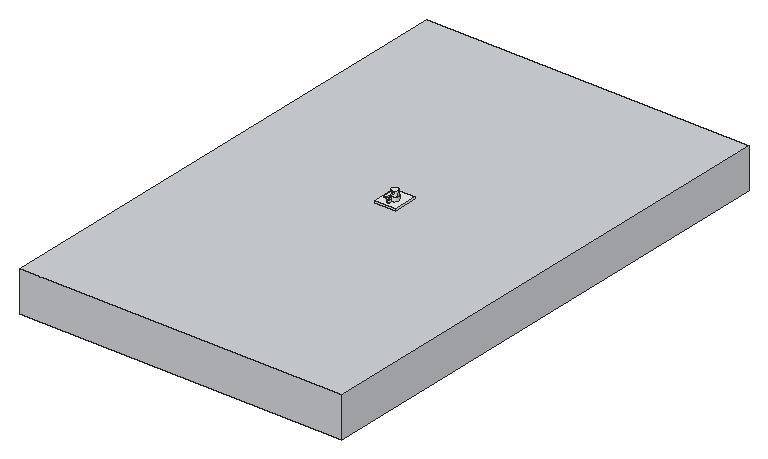
Revit family "Trim_Set-GROHE-Allure-19376000", category Plumbing Fixtures, host Face, Revit 2014
Parameters (values of type "19376000")
  Width = 6 1/4"  # constant formula
  Waste Connection = no
  Warranty Documentation Link = "https://cdn.cloud.grohe.com/tpi/1000/1900/1940/1949/1949006/original/1949006.pdf"
  WFU = 4  # constant formula
  Vent Connection = no
  URL = "https://www.grohe.us/"
  Type Comments = ""
  Tempered Connection Radius = Tempered Connection Diameter / 2  # 1/4"
  Tempered Connection Diameter = Hot Water Connection Diameter  # 1/2"
  Product Page URL = "https://www.grohe.us/en_us/grohe-allure-pressure-balance-valve-trimset-19376000.html"
  Price = "Prices may vary. Please consult Manufacturer Representative for most up-to-date price list."  # constant formula
  Model = "19376000"
  Material = "Metal-Grohe-000-Chrome"
  Manufacturer = "Grohe"
  Length = 2 15/16"  # constant formula
  Installation Type = "Wall Mounted"
  Hot Water Connection Radius = Hot Water Connection Diameter / 2  # 1/4"
  Hot Water Connection Diameter = Cold Water Connection Diameter  # 1/2"
  Height = 40"
  HWFU = 3  # constant formula
  HW Connection = yes
  Flow Rate = ""
  Finish = Metal-Grohe-000-Chrome
  Description = "Allure PBV trimset"  # constant formula
  Default Elevation = 44"  # constant formula
  Creation Date = "06/21/2017"  # constant formula
  Cold Water Connection Radius = 1/4"  # constant formula
  Cold Water Connection Diameter = Cold Water Connection Radius * 2  # 1/2"
  CWFU = 3  # constant formula
  CW Connection = yes
  Assembly Code = "D2010710"
  ADA Compliant = no
Reference planes (in)
  plane 1 "Center (Front/Back)": y = 0
  plane 2: z = 0
  plane 3 "Center (Left/Right)": x = 0
  plane 4: y = 40
  plane 5: y = -18
  plane 6: y = -39
  plane 7: x = -1.21875
  plane 8: x = 1.21875
  plane 9: x = -3.34375
  plane 10: x = 3.34375
  plane 11: z = 0.375
  plane 12: z = 4
  plane 13: y = 1.96875
  plane 14: y = -1.96875
  plane 15: z = 3.38878
  plane 16: z = 0.8125
Forms (in)
  Extrusion 1, solid
    sketch origin (0, 0, 0) x (1, 0, 0) y (0, 1, 0)
      loop
        line (-48, 72) -> (-48, -79.70833) -> (48, -79.70833) -> (48, 72) -> (-48, 72)
    from 0 to -12
  Revolve 2, solid, material "Metal-Grohe-000-Chrome" <- "Finish"
    sketch origin (0, 0, 0) x (0, 1, 0) y (0, 0, 1)
      loop
        line (1.10376, 0.21295) -> (1.10376, 1.62658)
        arc (1.10376, 1.62658) -> (1.08278, 1.67725) -> (1.03211, 1.69823) r 0.07165
        line (1.03211, 1.69823) -> (0, 1.69823) -> (0, 0.21295) -> (1.10376, 0.21295)
      axis (0, 1.69823) -> (0, 0.21295)
    angle from 0 to 360
  Extrusion 3, solid, material "Metal-Grohe-000-Chrome" <- "Finish"
    sketch origin (0, 0, 0) x (1, 0, 0) y (0, 1, 0)
      loop
        line (-3.13247, 3.625) -> (-3.13247, -3.625) -> (3.13247, -3.625) -> (3.13247, 3.625) -> (-3.13247, 3.625)
    from 0 to 0.52581
  Extrusion 4, solid, material "Metal-Grohe-000-Chrome" <- "Finish"
    sketch origin (0, -0.03128, -0.034) x (1, 0, 0) y (0, 0.999801, -0.019962)
      loop
        circle (0, 0) r 1.02513
    from 1.55195 to 3.02157
  Extrusion 5, solid, material "Metal-Grohe-000-Chrome" <- "Finish"
    sketch origin (0, -0.07658, -0.09031) x (1, 0, 0) y (0, 0.026171, 0.999657)
      loop
        line (0.38614, 2.88034) -> (-0.38614, 2.88034) -> (-0.38614, 2.58494)
        arc (-0.38614, 2.58494) -> (0, 2.53007) -> (0.38614, 2.58494) r 1.38606
        line (0.38614, 2.58494) -> (0.38614, 2.88034)
    from 0 to 3.48831
  Revolve 6, solid, material "Metal-Grohe-000-Chrome" <- "Finish"
    sketch origin (0, 0, 0) x (0, 1, 0) y (0, 0, 1)
      loop
        line (-2.16712, 1.20811) -> (-2.16712, 0.52581) -> (-1.95198, 0.52581) -> (-1.95198, 0.74115) -> (-1.98536, 0.74115) -> (-1.98536, 0.90196) -> (-1.76698, 0.90196) -> (-1.78303, 1.20811) -> (-2.16712, 1.20811)
      axis (-2.16712, 0.52581) -> (-2.16712, 1.20811)
    angle from 0 to 360
  Extrusion 7, solid, material "Metal-Grohe-000-Chrome" <- "Finish"
    sketch origin (0, 0, 0) x (1, 0, 0) y (0, 1, 0)
      loop
        circle (-0.47428, 0) r 0.25
      loop
        circle (0.47428, 0) r 0.25
    from 0 to 0.0625
Cuts and joins
  joined: Revolve 2, Extrusion 3, Revolve 6, Extrusion 7
  joined: Extrusion 4, Extrusion 5
Lines and regions (in)
  Masking region 1
    outline origin (0, 0, 0) x (1, 0, 0) y (0, 0, 1)
      loop
        line (3.13247, 0) -> (3.13247, 0.52581) -> (1.10376, 0.52581) -> (1.10376, 1.63488)
        arc (1.10376, 1.63488) -> (1.07745, 1.68278) -> (1.02513, 1.69856) r 0.07226
        line (1.02513, 1.69856) -> (1.02513, 2.98697)
        arc (1.02513, 2.98697) -> (1.00652, 2.99058) -> (0.98764, 2.99223) r 0.18146
        arc (0.98764, 2.99223) -> (0.90212, 2.99785) -> (0.81642, 2.9993) r 1.76129
        arc (0.81642, 2.9993) -> (0.62045, 3.00324) -> (0.42446, 3.00568) r 25.60586
        arc (0.42446, 3.00568) -> (0, 3.00934) -> (-0.42446, 3.00568) r 24.63203
        arc (-0.42446, 3.00568) -> (-0.62045, 3.00324) -> (-0.81642, 2.9993) r 25.60586
        arc (-0.81642, 2.9993) -> (-0.90212, 2.99785) -> (-0.98764, 2.99223) r 1.76129
        arc (-0.98764, 2.99223) -> (-1.00652, 2.99058) -> (-1.02513, 2.98697) r 0.18146
        line (-1.02513, 2.98697) -> (-1.02513, 1.69856)
        arc (-1.02513, 1.69856) -> (-1.07745, 1.68278) -> (-1.10376, 1.63488) r 0.07226
        line (-1.10376, 1.63488) -> (-1.10376, 0.52581) -> (-3.13247, 0.52581) -> (-3.13247, 0) -> (3.13247, 0)
  symbolic lines, detail levels medium+fine
    curve 1: line (1.10376, 0, 0.52581) -> (-1.10376, 0, 0.52581)
  symbolic lines, detail levels fine
    curve 2: line (1.02513, 0, 1.69856) -> (-1.02513, 0, 1.69856)
Dimensions and locks (in)
  plane 1 "Center (Front/Back)" to plane 5 = 18"
  plane 5 to plane 6 = 21"
  plane 1 "Center (Front/Back)" to plane 4 = 40"
  plane 11 to level = 3/8"
  plane 12 to level = 4"
  level to plane 15 = 3.38878"
  plane 16 to level = 13/16"
  "Hot Water Connection Diameter": diameter of Extrusion 7 sketch curve
  "Cold Water Connection Diameter": diameter of Extrusion 7 sketch curve
  aligned and locked: plane 2 to Extrusion 1
  aligned and locked: level to Extrusion 1
Automatic sketch dimensions
  plane 7 to curve 1 = 0.11499"
  curve 1 to plane 16 = 0.28669"
  plane 7 to curve 2 = 0.19362"
  plane 8 to curve 2 = 0.19362"
  plane 8 to curve 1 = 0.11499"
  plane 16 to curve 2 = 0.88606"
  Extrusion 1 sketch curve to Extrusion 1 sketch curve = 96"
  Extrusion 1 sketch curve to Extrusion 1 sketch curve = 151.70833"
  Revolve 2 sketch curve to plane 1 "Center (Front/Back)" = 0"  (x2)
  Revolve 2 sketch curve to plane 13 = 0.93664"
  Revolve 2 sketch curve to Revolve 2 sketch curve = 0.07165"
  Revolve 2 sketch curve to plane 11 = 0.16205"
  plane 16 to Revolve 2 sketch curve = 0.81408"
  plane 12 to Revolve 2 sketch curve = 1.99585"
  Revolve 2 sketch curve to Revolve 2 sketch curve = 0.35576"
  plane 9 to Extrusion 3 sketch curve = 0.21128"
  plane 10 to Extrusion 3 sketch curve = 0.21128"
  plane 14 to Extrusion 3 sketch curve = 1 21/32"
  plane 13 to Extrusion 3 sketch curve = 1 21/32"
  Extrusion 4 sketch curve to plane 3 "Center (Left/Right)" = 0"
  Extrusion 5 sketch curve to plane 3 "Center (Left/Right)" = 0"
  Extrusion 5 sketch curve to plane 3 "Center (Left/Right)" = 0.38614"
  plane 3 "Center (Left/Right)" to Extrusion 5 sketch curve = 0.38614"
  Extrusion 5 sketch curve to Extrusion 5 sketch curve = 0.2954"
  Extrusion 5 sketch curve to Extrusion 5 sketch curve = 1.03579"
  Masking region 1 sketch curve to level = 0"
  Masking region 1 sketch curve to plane 3 "Center (Left/Right)" = 0"
  Masking region 1 sketch curve to plane 3 "Center (Left/Right)" = 0.20383"
  plane 7 to Masking region 1 sketch curve = 0.38929"
  plane 7 to Masking region 1 sketch curve = 0.23748"
  plane 7 to Masking region 1 sketch curve = 0.19362"
  Masking region 1 sketch curve to Masking region 1 sketch curve = 0.00684"  (x2)
  Masking region 1 sketch curve to Masking region 1 sketch curve = 0.07179"
  plane 9 to Masking region 1 sketch curve = 0.21128"
  plane 3 "Center (Left/Right)" to Masking region 1 sketch curve = 0.20383"
  plane 8 to Masking region 1 sketch curve = 0.38929"
  plane 8 to Masking region 1 sketch curve = 0.23748"
  Masking region 1 sketch curve to Masking region 1 sketch curve = 0.04386"
  plane 8 to Masking region 1 sketch curve = 0.11499"
  plane 10 to Masking region 1 sketch curve = 0.21128"
  Masking region 1 sketch curve to level = 21.62269"
  Masking region 1 sketch curve to Masking region 1 sketch curve = 0.97654"
  Masking region 1 sketch curve to Masking region 1 sketch curve = 0"
  Masking region 1 sketch curve to plane 16 = 0.28669"  (x2)
  plane 16 to Masking region 1 sketch curve = 0.42556"  (x2)
  Masking region 1 sketch curve to Masking region 1 sketch curve = 0.38856"  (x2)
  Masking region 1 sketch curve to Masking region 1 sketch curve = 0.00826"  (x2)
  plane 15 to Masking region 1 sketch curve = 0.5779"  (x2)
  Masking region 1 sketch curve to Masking region 1 sketch curve = 0.17608"  (x2)
  Masking region 1 sketch curve to plane 3 "Center (Left/Right)" = 0.42446"
  Masking region 1 sketch curve to Masking region 1 sketch curve = 0.20871"  (x2)
  Masking region 1 sketch curve to Masking region 1 sketch curve = 0.03749"
  plane 15 to Masking region 1 sketch curve = 0.3831"
  plane 14 to Revolve 6 sketch curve = 0.19837"
  plane 14 to Revolve 6 sketch curve = 0.01661"
  Revolve 6 sketch curve to plane 14 = 0.01677"
  Revolve 6 sketch curve to plane 14 = 0.18572"
  plane 16 to Revolve 6 sketch curve = 0.08946"
  Revolve 6 sketch curve to plane 14 = 0.20177"
  Revolve 6 sketch curve to plane 16 = 0.07135"
  Revolve 6 sketch curve to Revolve 6 sketch curve = 0.21535"
  Revolve 6 sketch curve to Revolve 6 sketch curve = 0.30615"
  Revolve 6 sketch curve to Revolve 6 sketch curve = 0"
  Revolve 6 sketch curve to Revolve 6 sketch curve = 0.09382"
  Revolve 6 sketch curve to Revolve 6 sketch curve = 0.15618"
  plane 1 "Center (Front/Back)" to Extrusion 7 sketch curve = 0"  (x2)
  Extrusion 7 sketch curve to plane 3 "Center (Left/Right)" = 0.47428"
  plane 3 "Center (Left/Right)" to Extrusion 7 sketch curve = 0.47428"
  radius of Extrusion 4 sketch curve = 1.02513"
Connectors (in)
  piping at (-0.47428, 0, 0), diameter 0.5, driven by "Hot Water Connection Diameter"
    settings: on Extrusion 7, index 1, connector inside diameter 24", connector length 0", flow factor 0, pipe flow 0 GPM, pressure drop 0.00 psi, fitting loss kfactor 0, connector angle 0.00°, fixture units 0, engagement length 0", angle of deflection 0.00°, flow configuration 3, flow direction 1, fitting loss method 0, system type 19, joint type 0, gender type 0, connector reference index -1, connector utility 0, adjustable connector no, is connector primary yes, connector description "1/2\" NPT HW Inlet"
  piping at (0.47428, 0, 0), diameter 0.5, driven by "Cold Water Connection Diameter"
    settings: on Extrusion 7, index 2, connector inside diameter 24", connector length 0", flow factor 0, pipe flow 0 GPM, pressure drop 0.00 psi, fitting loss kfactor 0, connector angle 0.00°, fixture units 0, engagement length 0", angle of deflection 0.00°, flow configuration 3, flow direction 1, fitting loss method 0, system type 20, joint type 0, gender type 0, connector reference index -1, connector utility 0, adjustable connector no, is connector primary no, connector description "1/2\" NPT CW Inlet"
